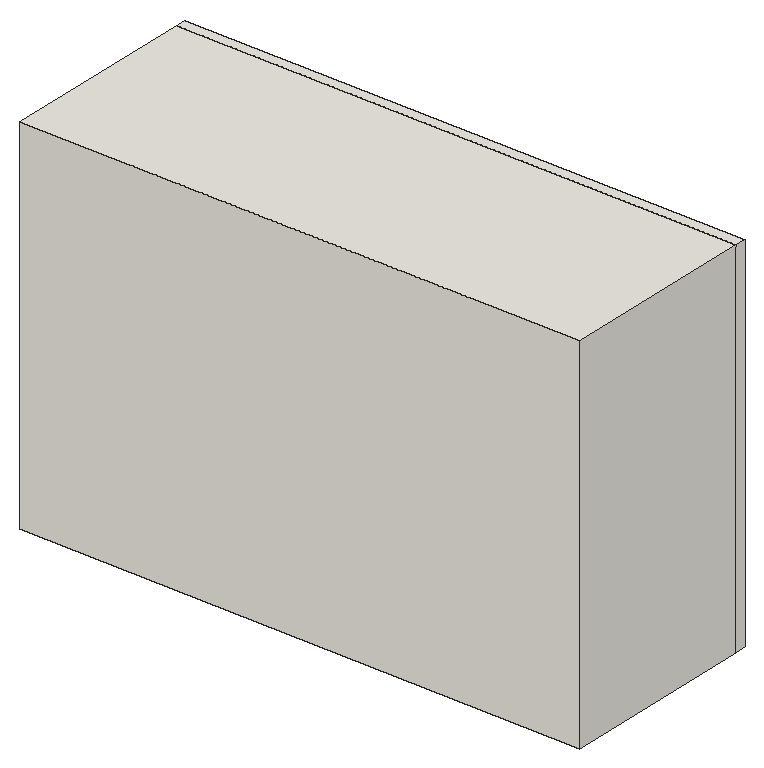
Revit family "ERA_LF_WR_LPR-031", category Осветительные приборы, Revit 2019
Family settings
  Размер круглого соединителя = Использовать диаметр
  Тип детали = Нормальный
  Номер OmniClass = 23.80.70.00
  Заголовок OmniClass = Lighting
  На основе рабочей плоскости = Нет
  Всегда вертикально = Да
  При загрузке вырезать с полостями = Нет
  Источник света = Да
  Общий = Нет
  Точка расчета площади = Да
Parameters (values of type "LPR-031-0-65K-010, LED, IP65, 95х62х35 мм (ДхШхВ), 10 Вт, 6500 К, 620 лм, класс защиты I, в комплекте (линейный ac/dc без гальваничесокй развязки)")
  built-in parameter 1150104 = 13.8 (stored number, unit not read)
  built-in parameter 1150134 = 3
  Файл фотометрической сетки = "LPR-031-0-65K-010.ies"
  Tilt Angle = 90.00°
  УГО_Смещение по оси Y [instance] = 1000.00 mm
  УГО_Смещение по оси X [instance] = 1000.00 mm
  built-in parameter 1150137 = (empty or 0)
  built-in parameter 1150132 = 2
  built-in parameter 1150114 = 1 (stored number, unit not read)
  Dimming Lamp Color Temperature Shift = (empty or 0)
  built-in parameter 1150105 = 486.97 (stored number, unit not read)
  Color Filter = 16777215
  Lumens = 620 lm
  built-in parameter 1150109 = 1 (stored number, unit not read)
  built-in parameter 1150112 = 1 (stored number, unit not read)
  built-in parameter 1150110 = 1 (stored number, unit not read)
  built-in parameter 1150113 = 1 (stored number, unit not read)
  built-in parameter 1150115 = 1 (stored number, unit not read)
  built-in parameter 1114218 = 1 (stored number, unit not read)
  built-in parameter 1114217 = 1 (stored number, unit not read)
  built-in parameter 1150106 = 4.8697 (stored number, unit not read)
  built-in parameter 1150142 = "IESNA:LM-63-1995\r\n[DATA] 28.01.2020\r\n[MANUFAC]??РА\r\n[LUMCAT] \r\n[LUMINAIRE] LPR-031-0-65K-010\r\n[LAMP] Светодиодный модуль\r\nTILT=NONE\r\n1 700 0.611 91 2 1 2 0.062  0.095 0.035\r\n1 1 8.123\r\n0 1 2 3 4 5 6 7 8 9 10 11 12 13 14 15 16 17 18 19 20 21 22 23 24 25 26 27 28 29 30 31 32 33 34 35 36 37 38 39 40 41 42 43 44 45 46 47 48 49 50 51 52 53 54 55 56 57 58 59 60 61 62 63 64 65 66 67 68 69 70 71 72 73 74 75 76 77 78 79 80 81 82 83 84 85 86 87 88 89 90 \r\n0 90 \r\n377.3 377.2 377.1 376.7 376.7 375.9 374.9 374.4 373 371.9 370.7 369.4 368.2 366.8 364.9 363.6 361.7 359.3 357.1 355.3 353.5 351.3 348.4 345.5 342.7 340.2 337.4 334.2 330.8 327.5 324 320.9 317.3 313.6 309.8 305.8 301.7 297.4 292.8 288.2 283.3 278.4 273.4 267.8 262.5 257 251.4 245.6 239.5 233.2 226.7 220.2 213.7 207.1 200.6 194 186.8 179.2 171.4 163.5 155.8 148 140.1 131.6 122.6 112.9 102.6 92.2 82.6 74 65.9 57.4 48.9 40.8 33.6 27.1 21 15.7 11.3 7.7 5.1 3.4 2.2 1.6 0 0 0 0 0 0 0\r\n377.3 377.2 377.1 376.7 376.7 375.9 374.9 374.4 373 371.9 370.7 369.4 368.2 366.8 364.9 363.6 361.7 359.3 357.1 355.3 353.5 351.3 348.4 345.5 342.7 340.2 337.4 334.2 330.8 327.5 324 320.9 317.3 313.6 309.8 305.8 301.7 297.4 292.8 288.2 283.3 278.4 273.4 267.8 262.5 257 251.4 245.6 239.5 233.2 226.7 220.2 213.7 207.1 200.6 194 186.8 179.2 171.4 163.5 155.8 148 140.1 131.6 122.6 112.9 102.6 92.2 82.6 74 65.9 57.4 48.9 40.8 33.6 27.1 21 15.7 11.3 7.7 5.1 3.4 2.2 1.6 0 0 0 0 0 0 0\r\n"
  built-in parameter 1150133 = 10 (stored number, unit not read)
  Wattage = 9.2903 W
  built-in parameter 1150139 = (empty or 0)
  built-in parameter 1150138 = (empty or 0)
  built-in parameter 1150107 = 6500 (stored number, unit not read)
  built-in parameter 1150102 = (empty or 0)
  Emit from Rectangle Width = _Корпус_Ширина  # 62.00 mm
  Emit from Rectangle Length = _Корпус_Длина  # 95.00 mm
  Emit Shape Visible in Rendering = no
  _УГО_Ширина = if(_Корпус_Ширина / УГО_Масштаб < 1.00 mm, 1.00 mm, _Корпус_Ширина / УГО_Масштаб)  # 1.00 mm
  УГО_Масштаб = 100
  _УГО_Длина = if(_Корпус_Длина / УГО_Масштаб < 1.00 mm, 1.00 mm, _Корпус_Длина / УГО_Масштаб)  # 1.00 mm
  _УГО_Диаметр = if(_Корпус_Длина / УГО_Масштаб < 1.00 mm, 1.00 mm, _Корпус_Длина / УГО_Масштаб)  # 1.00 mm
  УГО_Видимость [instance] = not(УГО_Реальный размер)  # yes
  УГО_Аварийный [instance] = no
  Тип установки = "Настенный"
  Степень защиты IP = "IP65"
  Разработчик модели = "https://www.teslabim.ru"
  _Корпус_Ширина = if(ADSK_Размер_Ширина < 1.00 mm, 1.00 mm, ADSK_Размер_Ширина)  # 62.00 mm
  _Корпус_Длина = if(ADSK_Размер_Длина < 1.00 mm, 1.00 mm, ADSK_Размер_Длина)  # 95.00 mm
  built-in parameter 1114216 [instance] = 1 (stored number, unit not read)
  Цвет = Белый
  УГО_Реальный размер [instance] = no
  Description = ""
  Lamp = ""
  Комплект = "Линейный AC/DC без гальваничесокй развязки"
  Класс пожароопасности = "Нет"
  Класс защиты = "I"
  Источник света = "LED"
  Manufacturer = ""
  Геометрия изделия = "Прямоугольный"
  _Корпус_Диаметр = if(ADSK_Размер_Диаметр < 1.00 mm, 1.00 mm, ADSK_Размер_Диаметр)  # 1.00 mm
  _Корпус_Высота = if(ADSK_Размер_Высота < 1.00 mm, 1.00 mm, ADSK_Размер_Высота)  # 35.00 mm
  URL = "https://www.eraworld.ru/catalog/2648984"
  ADSK_Размер_Ширина = 62.00 mm
  ADSK_Размер_Длина = 95.00 mm
  ADSK_Размер_Диаметр = 0.00 mm
  ADSK_Примечание = "Линейный AC/DC без гальваничесокй развязки"
  ADSK_Полная мощность = ADSK_Номинальная мощность / ADSK_Коэффициент мощности  # 11.1111 VA
  ADSK_Позиция = ""
  ADSK_Номинальная мощность = 10 W
  ADSK_Напряжение = 230 V
  ADSK_Наименование краткое = "Светильник"
  ADSK_Масса = 0.137
  ADSK_Марка = "LPR-031-0-65K-010"
  ADSK_Коэффициент мощности = 0.9
  ADSK_Количество фаз = 1
  ADSK_Код изделия = ""
  ADSK_Классификация нагрузок = Освещение
  ADSK_Размер_Высота = 35.00 mm
  ADSK_Обозначение = ADSK_Марка  # "LPR-031-0-65K-010"
  ADSK_Наименование = "Светильник, LED, прямоугольный, настенный, IP65, 95х62х35 мм (ДхШхВ), 10 Вт, 6500 К, 620 лм, класс защиты I, в комплекте (линейный ac/dc без гальваничесокй развязки)"
  ADSK_Завод-изготовитель = "ЭРА"
  ADSK_Единица измерения = "шт."
Types (4, lengths in mm): name | Файл фотометрической сетки | Lumens | built-in parameter 1150142 | Emit from Rectangle Width | Emit from Rectangle Length | _УГО_Ширина | _УГО_Длина | _УГО_Диаметр | _Корпус_Ширина | _Корпус_Длина | URL | ADSK_Размер_Ширина | ADSK_Размер_Длина | ADSK_Полная мощность | ADSK_Номинальная мощность | ADSK_Масса | ADSK_Марка | ADSK_Обозначение | ADSK_Наименование
  LPR-031-0-65K-010, LED, IP65, 95х62х35 мм (ДхШхВ), 10 Вт, 6500 К, 620 лм, класс защиты I, в комплекте (линейный ac/dc без гальваничесокй развязки) | "LPR-031-0-65K-010.ies" | 620 lm | "IESNA:LM-63-1995\r\n[DATA] 28.01.2020\r\n[MANUFAC]??РА\r\n[LUMCAT] \r\n[LUMINAIRE] LPR-031-0-65K-010\r\n[LAMP] Светодиодный модуль\r\nTILT=NONE\r\n1 700 0.611 91 2 1 2 0.062  0.095 0.035\r\n1 1 8.123\r\n0 1 2 3 4 5 6 7 8 9 10 11 12 13 14 15 16 17 18 19 20 21 22 23 24 25 26 27 28 29 30 31 32 33 34 35 36 37 38 39 40 41 42 43 44 45 46 47 48 49 50 51 52 53 54 55 56 57 58 59 60 61 62 63 64 65 66 67 68 69 70 71 72 73 74 75 76 77 78 79 80 81 82 83 84 85 86 87 88 89 90 \r\n0 90 \r\n377.3 377.2 377.1 376.7 376.7 375.9 374.9 374.4 373 371.9 370.7 369.4 368.2 366.8 364.9 363.6 361.7 359.3 357.1 355.3 353.5 351.3 348.4 345.5 342.7 340.2 337.4 334.2 330.8 327.5 324 320.9 317.3 313.6 309.8 305.8 301.7 297.4 292.8 288.2 283.3 278.4 273.4 267.8 262.5 257 251.4 245.6 239.5 233.2 226.7 220.2 213.7 207.1 200.6 194 186.8 179.2 171.4 163.5 155.8 148 140.1 131.6 122.6 112.9 102.6 92.2 82.6 74 65.9 57.4 48.9 40.8 33.6 27.1 21 15.7 11.3 7.7 5.1 3.4 2.2 1.6 0 0 0 0 0 0 0\r\n377.3 377.2 377.1 376.7 376.7 375.9 374.9 374.4 373 371.9 370.7 369.4 368.2 366.8 364.9 363.6 361.7 359.3 357.1 355.3 353.5 351.3 348.4 345.5 342.7 340.2 337.4 334.2 330.8 327.5 324 320.9 317.3 313.6 309.8 305.8 301.7 297.4 292.8 288.2 283.3 278.4 273.4 267.8 262.5 257 251.4 245.6 239.5 233.2 226.7 220.2 213.7 207.1 200.6 194 186.8 179.2 171.4 163.5 155.8 148 140.1 131.6 122.6 112.9 102.6 92.2 82.6 74 65.9 57.4 48.9 40.8 33.6 27.1 21 15.7 11.3 7.7 5.1 3.4 2.2 1.6 0 0 0 0 0 0 0\r\n" | 62.00 | 95.00 | 1.00 | 1.00 | 1.00 | 62.00 | 95.00 | "https://www.eraworld.ru/catalog/2648984" | 62.00 | 95.00 | 11.1111 VA | 10 W | 0.137 | "LPR-031-0-65K-010" | "LPR-031-0-65K-010" | "Светильник, LED, прямоугольный, настенный, IP65, 95х62х35 мм (ДхШхВ), 10 Вт, 6500 К, 620 лм, класс защиты I, в комплекте (линейный ac/dc без гальваничесокй развязки)"
  LPR-031-0-65K-020, LED, IP65, 122х75х35 мм (ДхШхВ), 20 Вт, 6500 К, 1160 лм, класс защиты I, в комплекте (линейный ac/dc без гальваничесокй развязки) | "LPR-031-0-65K-020.ies" | 1160 lm | "IESNA:LM-63-1995\r\n[DATA] 28.01.2020\r\n[MANUFAC]??РА\r\n[LUMCAT] \r\n[LUMINAIRE]  LPR-031-0-65K-020\r\n[LAMP] Светодиодный модуль\r\nTILT=NONE\r\n1 1350 1.161 91 2 1 2 0.075 0.122 0.035\r\n1 1 16.108\r\n0 1 2 3 4 5 6 7 8 9 10 11 12 13 14 15 16 17 18 19 20 21 22 23 24 25 26 27 28 29 30 31 32 33 34 35 36 37 38 39 40 41 42 43 44 45 46 47 48 49 50 51 52 53 54 55 56 57 58 59 60 61 62 63 64 65 66 67 68 69 70 71 72 73 74 75 76 77 78 79 80 81 82 83 84 85 86 87 88 89 90 \r\n0 90 \r\n377.3 377.2 377.1 376.7 376.7 375.9 374.9 374.4 373 371.9 370.7 369.4 368.2 366.8 364.9 363.6 361.7 359.3 357.1 355.3 353.5 351.3 348.4 345.5 342.7 340.2 337.4 334.2 330.8 327.5 324 320.9 317.3 313.6 309.8 305.8 301.7 297.4 292.8 288.2 283.3 278.4 273.4 267.8 262.5 257 251.4 245.6 239.5 233.2 226.7 220.2 213.7 207.1 200.6 194 186.8 179.2 171.4 163.5 155.8 148 140.1 131.6 122.6 112.9 102.6 92.2 82.6 74 65.9 57.4 48.9 40.8 33.6 27.1 21 15.7 11.3 7.7 5.1 3.4 2.2 1.6 0 0 0 0 0 0 0\r\n377.3 377.2 377.1 376.7 376.7 375.9 374.9 374.4 373 371.9 370.7 369.4 368.2 366.8 364.9 363.6 361.7 359.3 357.1 355.3 353.5 351.3 348.4 345.5 342.7 340.2 337.4 334.2 330.8 327.5 324 320.9 317.3 313.6 309.8 305.8 301.7 297.4 292.8 288.2 283.3 278.4 273.4 267.8 262.5 257 251.4 245.6 239.5 233.2 226.7 220.2 213.7 207.1 200.6 194 186.8 179.2 171.4 163.5 155.8 148 140.1 131.6 122.6 112.9 102.6 92.2 82.6 74 65.9 57.4 48.9 40.8 33.6 27.1 21 15.7 11.3 7.7 5.1 3.4 2.2 1.6 0 0 0 0 0 0 0\r\n" | 75.00 | 122.00 | 1.00 | 1.22 | 1.22 | 75.00 | 122.00 | "https://www.eraworld.ru/catalog/2648985" | 75.00 | 122.00 | 22.2222 VA | 20 W | 0.189 | "LPR-031-0-65K-020" | "LPR-031-0-65K-020" | "Светильник, LED, прямоугольный, настенный, IP65, 122х75х35 мм (ДхШхВ), 20 Вт, 6500 К, 1160 лм, класс защиты I, в комплекте (линейный ac/dc без гальваничесокй развязки)"
  LPR-031-0-65K-030, LED, IP65, 139х104х35 мм (ДхШхВ), 30 Вт, 6500 К, 2200 лм, класс защиты I, в комплекте (линейный ac/dc без гальваничесокй развязки) | "LPR-031-0-65K-030.ies" | 2200 lm | "IESNA:LM-63-1995\r\n[DATA] 28.01.2020\r\n[MANUFAC]??РА\r\n[LUMCAT] \r\n[LUMINAIRE] LPR-031-0-65K-030\r\n[LAMP] Светодиодный модуль\r\nTILT=NONE\r\n1 2500 2.201  91 2 1 2 0.104 0.139 0.035\r\n1 1 24.711\r\n0 1 2 3 4 5 6 7 8 9 10 11 12 13 14 15 16 17 18 19 20 21 22 23 24 25 26 27 28 29 30 31 32 33 34 35 36 37 38 39 40 41 42 43 44 45 46 47 48 49 50 51 52 53 54 55 56 57 58 59 60 61 62 63 64 65 66 67 68 69 70 71 72 73 74 75 76 77 78 79 80 81 82 83 84 85 86 87 88 89 90 \r\n0 90 \r\n377.3 377.2 377.1 376.7 376.7 375.9 374.9 374.4 373 371.9 370.7 369.4 368.2 366.8 364.9 363.6 361.7 359.3 357.1 355.3 353.5 351.3 348.4 345.5 342.7 340.2 337.4 334.2 330.8 327.5 324 320.9 317.3 313.6 309.8 305.8 301.7 297.4 292.8 288.2 283.3 278.4 273.4 267.8 262.5 257 251.4 245.6 239.5 233.2 226.7 220.2 213.7 207.1 200.6 194 186.8 179.2 171.4 163.5 155.8 148 140.1 131.6 122.6 112.9 102.6 92.2 82.6 74 65.9 57.4 48.9 40.8 33.6 27.1 21 15.7 11.3 7.7 5.1 3.4 2.2 1.6 0 0 0 0 0 0 0\r\n377.3 377.2 377.1 376.7 376.7 375.9 374.9 374.4 373 371.9 370.7 369.4 368.2 366.8 364.9 363.6 361.7 359.3 357.1 355.3 353.5 351.3 348.4 345.5 342.7 340.2 337.4 334.2 330.8 327.5 324 320.9 317.3 313.6 309.8 305.8 301.7 297.4 292.8 288.2 283.3 278.4 273.4 267.8 262.5 257 251.4 245.6 239.5 233.2 226.7 220.2 213.7 207.1 200.6 194 186.8 179.2 171.4 163.5 155.8 148 140.1 131.6 122.6 112.9 102.6 92.2 82.6 74 65.9 57.4 48.9 40.8 33.6 27.1 21 15.7 11.3 7.7 5.1 3.4 2.2 1.6 0 0 0 0 0 0 0\r\n" | 104.00 | 139.00 | 1.04 | 1.39 | 1.39 | 104.00 | 139.00 | "https://www.eraworld.ru/catalog/2648986" | 104.00 | 139.00 | 33.3333 VA | 30 W | 0.265 | "LPR-031-0-65K-030" | "LPR-031-0-65K-030" | "Светильник, LED, прямоугольный, настенный, IP65, 139х104х35 мм (ДхШхВ), 30 Вт, 6500 К, 2200 лм, класс защиты I, в комплекте (линейный ac/dc без гальваничесокй развязки)"
  LPR-031-0-65K-050, LED, IP65, 183х131х35 мм (ДхШхВ), 50 Вт, 6500 К, 3200 лм, класс защиты I, в комплекте (линейный ac/dc без гальваничесокй развязки) | "LPR-031-0-65K-050.ies" | 3200 lm | "IESNA:LM-63-1995\r\n[DATA] 28.01.2020\r\n[MANUFAC]  ЭРА\r\n[LUMCAT] \r\n[LUMINAIRE] LPR-031-0-65K-050 \r\n[LAMP] Светодиодный модуль\r\nTILT=NONE\r\n1 3700 3.220 91 2 1 2 0.131 0.183 0.036\r\n1 1 34.92\r\n0 1 2 3 4 5 6 7 8 9 10 11 12 13 14 15 16 17 18 19 20 21 22 23 24 25 26 27 28 29 30 31 32 33 34 35 36 37 38 39 40 41 42 43 44 45 46 47 48 49 50 51 52 53 54 55 56 57 58 59 60 61 62 63 64 65 66 67 68 69 70 71 72 73 74 75 76 77 78 79 80 81 82 83 84 85 86 87 88 89 90 \r\n0 90 \r\n377.3 377.2 377.1 376.7 376.7 375.9 374.9 374.4 373 371.9 370.7 369.4 368.2 366.8 364.9 363.6 361.7 359.3 357.1 355.3 353.5 351.3 348.4 345.5 342.7 340.2 337.4 334.2 330.8 327.5 324 320.9 317.3 313.6 309.8 305.8 301.7 297.4 292.8 288.2 283.3 278.4 273.4 267.8 262.5 257 251.4 245.6 239.5 233.2 226.7 220.2 213.7 207.1 200.6 194 186.8 179.2 171.4 163.5 155.8 148 140.1 131.6 122.6 112.9 102.6 92.2 82.6 74 65.9 57.4 48.9 40.8 33.6 27.1 21 15.7 11.3 7.7 5.1 3.4 2.2 1.6 0 0 0 0 0 0 0\r\n377.3 377.2 377.1 376.7 376.7 375.9 374.9 374.4 373 371.9 370.7 369.4 368.2 366.8 364.9 363.6 361.7 359.3 357.1 355.3 353.5 351.3 348.4 345.5 342.7 340.2 337.4 334.2 330.8 327.5 324 320.9 317.3 313.6 309.8 305.8 301.7 297.4 292.8 288.2 283.3 278.4 273.4 267.8 262.5 257 251.4 245.6 239.5 233.2 226.7 220.2 213.7 207.1 200.6 194 186.8 179.2 171.4 163.5 155.8 148 140.1 131.6 122.6 112.9 102.6 92.2 82.6 74 65.9 57.4 48.9 40.8 33.6 27.1 21 15.7 11.3 7.7 5.1 3.4 2.2 1.6 0 0 0 0 0 0 0\r\n" | 131.00 | 183.00 | 1.31 | 1.83 | 1.83 | 131.00 | 183.00 | "https://www.eraworld.ru/catalog/2648987" | 131.00 | 183.00 | 55.5556 VA | 50 W | 0.443 | "LPR-031-0-65K-050" | "LPR-031-0-65K-050" | "Светильник, LED, прямоугольный, настенный, IP65, 183х131х35 мм (ДхШхВ), 50 Вт, 6500 К, 3200 лм, класс защиты I, в комплекте (линейный ac/dc без гальваничесокй развязки)"
Reference planes
  plane 1 "По центру (Вперед/Назад)": y = 0
  plane 2: z = 0
  plane 3 "По центру (Влево/Вправо)": x = 0
  plane 4 "X": x = 1000
  plane 5 "Y": y = -900
  plane 6 "ИС": y = 35
Lines and regions (mm)
  reference lines
    curve 1: line (50, 100, 0) -> (150, 100, 0)
    curve 2: line (0, -50, 0) -> (0, 50, 0)
  reference lines, not visible
    curve 3: line (651.535, -544.594, 0) -> (751.535, -544.594, 0)
    curve 4: line (601.535, -694.594, 0) -> (601.535, -594.594, 0)
Dimensions and locks
  "УГО_Смещение по оси X": curve 2 to plane 4 "X"
  "УГО_Смещение по оси Y": plane 5 "Y" to curve 1
  "_Корпус_Высота": plane 6 "ИС" to plane 1 "По центру (Вперед/Назад)"
  "_Корпус_Высота": plane 1 "По центру (Вперед/Назад)" to plane 6 "ИС"
  aligned and locked: level to plane 2
  aligned and locked: nested 1 to plane 3 "По центру (Влево/Вправо)"
  aligned and locked: nested 1 to plane 2
  aligned and locked: plane 2 to imposter light
  aligned and locked: imposter light to plane 6 "ИС"
  aligned and locked: nested 2 to curve 1
  aligned and locked: curve 2 to nested 2
Nested families
  nested 1: "GM_ОП_Пр_Корпус" at (0, 0, 0) x (0, 0, -1) z (0, 1, 0), type "GM_ОП_Пр_Корпус"
    with Рассеиватель_Высота 1.75 mm, Корпус_Ширина 62.00 mm, Корпус_Длина 95.00 mm, Корпус_Высота 35.00 mm, Кант_Ширина 3.10 mm
  nested 2: "GA_УГО_ОП_н_Пр" at (0, 100, 0), visible <- "УГО_Видимость", type "GA_УГО_ОП_н_Пр", detail levels coarse+medium
    with Аварийный no
Connectors
  electrical at (0, 0, 0), driven by "ADSK_Коэффициент мощности", driven by "ADSK_Количество фаз", driven by "ADSK_Классификация нагрузок", driven by "ADSK_Напряжение", driven by "ADSK_Полная мощность"
    settings: index 1, voltage 230 V, apparent load 11.1111 VA, apparent load phase1 0 VA, apparent load phase2 0 VA, apparent load phase3 0 VA, power factor 0.9, load classification "Освещение", number of poles 1, system type 30, power factor state 1, is connector primary yes, connector utility no, sub classification motor no, connector description ""
Definition of nested family "GM_ОП_Пр_Корпус"
  Parameters (values of type "GM_ОП_Пр_Корпус")
    Рассеиватель_Высота = Корпус_Высота * 0.05  # 1.25 mm
    Корпус_Ширина = 42.00 mm
    Цвет = none
    Реальный размер = no
    Default Elevation = 0.00 mm
    Корпус_Длина = 260.00 mm
    Корпус_Высота = 25.00 mm
    Кант_Ширина = Корпус_Ширина * 0.05  # 2.10 mm
  Reference planes
    plane 1 "По центру (Вперед/Назад)": y = 0
    plane 2: z = 0
    plane 3 "По центру (Влево/Вправо)": x = 0
    plane 4 "Ш1": x = 21
    plane 5 "Ш2": x = -21
    plane 6 "Д1": y = 130
    plane 7 "Д2": y = -130
    plane 8 "В": z = 25
    plane 9 "Р": z = 23.75
  Forms (mm)
    Extrusion 1, solid, material <- "Цвет", detail levels fine
      sketch origin (0, 0, 0) x (1, 0, 0) y (0, 1, 0)
        loop
          line (21, -130) -> (21, 130) -> (-21, 130) -> (-21, -130) -> (21, -130)
      from 0 to 23.75
    Extrusion 2, solid, visible <- "Реальный размер", detail levels coarse+medium
      sketch origin (0, 0, 0) x (1, 0, 0) y (0, 1, 0)
        loop
          line (-21, 130) -> (-21, -130) -> (21, -130) -> (21, 130) -> (-21, 130)
      from 0 to 25 <- "Корпус_Высота"
  Dimensions and locks
    equal spacing: plane 5 "Ш2", plane 3 "По центру (Влево/Вправо)", plane 4 "Ш1"
    "Корпус_Ширина": plane 5 "Ш2" to plane 4 "Ш1"
    equal spacing: plane 6 "Д1", plane 1 "По центру (Вперед/Назад)", plane 7 "Д2"
    "Корпус_Длина": plane 6 "Д1" to plane 7 "Д2"
    "Корпус_Высота": plane 2 to plane 8 "В"
    "Рассеиватель_Высота": plane 9 "Р" to plane 8 "В"
    aligned and locked: level to plane 2
    aligned and locked: Extrusion 1 to plane 5 "Ш2"
    aligned and locked: Extrusion 1 to plane 4 "Ш1"
    aligned and locked: Extrusion 1 to plane 6 "Д1"
    aligned and locked: plane 7 "Д2" to Extrusion 1
    aligned and locked: plane 6 "Д1" to Extrusion 2 sketch curve
    aligned and locked: Extrusion 2 sketch curve to plane 7 "Д2"
    aligned and locked: Extrusion 2 sketch curve to plane 5 "Ш2"
    aligned and locked: plane 4 "Ш1" to Extrusion 2 sketch curve
    aligned and locked: Extrusion 1 to plane 2
    aligned and locked: Extrusion 2 to plane 2
    aligned and locked: nested 1 to plane 8 "В"
    aligned and locked: plane 3 "По центру (Влево/Вправо)" to nested 1
    aligned and locked: plane 1 "По центру (Вперед/Назад)" to nested 1
    aligned and locked: Extrusion 1 to plane 9 "Р"
  Automatic sketch dimensions
    Extrusion 1 sketch curve to plane 5 "Ш2" = 0.00 mm
    Extrusion 1 sketch curve to plane 4 "Ш1" = 0.00 mm
    plane 7 "Д2" to Extrusion 1 sketch curve = 0.00 mm
    plane 6 "Д1" to Extrusion 1 sketch curve = 0.00 mm
  Nested families
    nested 1: "GM_ОП_Пр_Рассеиватель" at (0, 0, 23.75), type "GM_ОП_Пр_Рассеиватель"
      with Корпус_Ширина 42.00 mm, Корпус_Длина 260.00 mm, Корпус_Высота 1.25 mm
  Definition of nested family "GM_ОП_Пр_Рассеиватель"
    Parameters (values of type "GM_ОП_Пр_Рассеиватель")
      Корпус_Ширина = 80.00 mm
      Цвет = none
      Default Elevation = 1000.00 mm
      Корпус_Длина = 100.00 mm
      Корпус_Высота = 1.30 mm
      Кант_Ширина = 5.00 mm
    Reference planes
      plane 1 "По центру (Вперед/Назад)": y = 0
      plane 2: z = 0
      plane 3 "По центру (Влево/Вправо)": x = 0
      plane 4 "Ш1": x = 40
      plane 5 "Ш2": x = -40
      plane 6 "Д1": y = 50
      plane 7 "Д2": y = -50
    Forms (mm)
      Extrusion 1, solid, material <- "Цвет", detail levels fine
        sketch origin (0, 0, 0) x (1, 0, 0) y (0, 1, 0)
          loop
            line (40, -50) -> (40, 50) -> (-40, 50) -> (-40, -50) -> (40, -50)
          loop
            line (-35, 45) -> (-35, -45) -> (35, -45) -> (35, 45) -> (-35, 45)
        from 0 to 1.3 <- "Корпус_Высота"
      Extrusion 2, solid, detail levels fine
        sketch origin (20, -32.684, 0) x (1, 0, 0) y (0, 1, 0)
          loop
            line (-55, 77.684) -> (-55, -12.316) -> (15, -12.316) -> (15, 77.684) -> (-55, 77.684)
        from 0 to 1.3 <- "Корпус_Высота"
    Dimensions and locks
      equal spacing: plane 5 "Ш2", plane 3 "По центру (Влево/Вправо)", plane 4 "Ш1"
      "Корпус_Ширина": plane 5 "Ш2" to plane 4 "Ш1"
      equal spacing: plane 6 "Д1", plane 1 "По центру (Вперед/Назад)", plane 7 "Д2"
      "Корпус_Длина": plane 6 "Д1" to plane 7 "Д2"
      "Кант_Ширина": plane 5 "Ш2" to Extrusion 2 sketch curve
      "Кант_Ширина": Extrusion 2 sketch curve to plane 4 "Ш1"
      "Кант_Ширина": plane 6 "Д1" to Extrusion 2 sketch curve
      "Кант_Ширина": plane 7 "Д2" to Extrusion 2 sketch curve
      aligned and locked: level to plane 2
      aligned and locked: plane 5 "Ш2" to Extrusion 1
      aligned and locked: Extrusion 1 to plane 4 "Ш1"
      aligned and locked: Extrusion 1 to plane 6 "Д1"
      aligned and locked: plane 7 "Д2" to Extrusion 1
      aligned and locked: Extrusion 1 to plane 2
      aligned and locked: Extrusion 1 sketch curve to Extrusion 2  (x4)
    Automatic sketch dimensions
      Extrusion 1 sketch curve to plane 5 "Ш2" = 0.00 mm
      Extrusion 1 sketch curve to plane 4 "Ш1" = 0.00 mm
      plane 7 "Д2" to Extrusion 1 sketch curve = 0.00 mm
      plane 6 "Д1" to Extrusion 1 sketch curve = 0.00 mm
Definition of nested family "GA_УГО_ОП_н_Пр"
  Parameters (values of type "GA_УГО_ОП_н_Пр")
    Ширина = 1.00 mm
    Длина = 1.00 mm
    Аварийный = yes
  Reference planes
    plane 1: y = 0
    plane 2: x = 0
  Lines and regions (mm)
    Masking region 1
      outline origin (-3.791, 0.433, 0) x (1, 0, 0) y (0, 1, 0)
        loop
          line (3.291, 0.567) -> (3.291, -0.433) -> (4.291, -0.433) -> (4.291, 0.567) -> (3.291, 0.567)
    reference lines
      curve 1: line (0.5, 2, 0) -> (0.5, 1, 0)
      curve 2: line (0.5, 1, 0) -> (1.5, 1, 0)
    reference lines, not visible
      curve 3: line (1.88, 1.985, 0) -> (1.88, 0.985, 0)
      curve 4: line (1.88, 0.985, 0) -> (2.88, 0.985, 0)
  Text (mm)
    text "А" at (0.659, 3.406, 0), visible <- "Аварийный"
    text "А" at (2.039, 3.391, 0), visible <- "Аварийный", not visible
  Dimensions and locks
    equal spacing: Masking region 1, plane 2, Masking region 1
    "Длина": Masking region 1 to Masking region 1
    "Ширина": plane 1 to Masking region 1
    aligned and locked: Masking region 1 sketch curve to plane 1
    aligned and locked: Masking region 1 to curve 2
    aligned and locked: curve 1 to Masking region 1
  Automatic sketch dimensions
    Masking region 1 sketch curve to plane 2 = 0.50 mm
    plane 2 to Masking region 1 sketch curve = 0.50 mm
    Masking region 1 sketch curve to plane 1 = 1.00 mm
